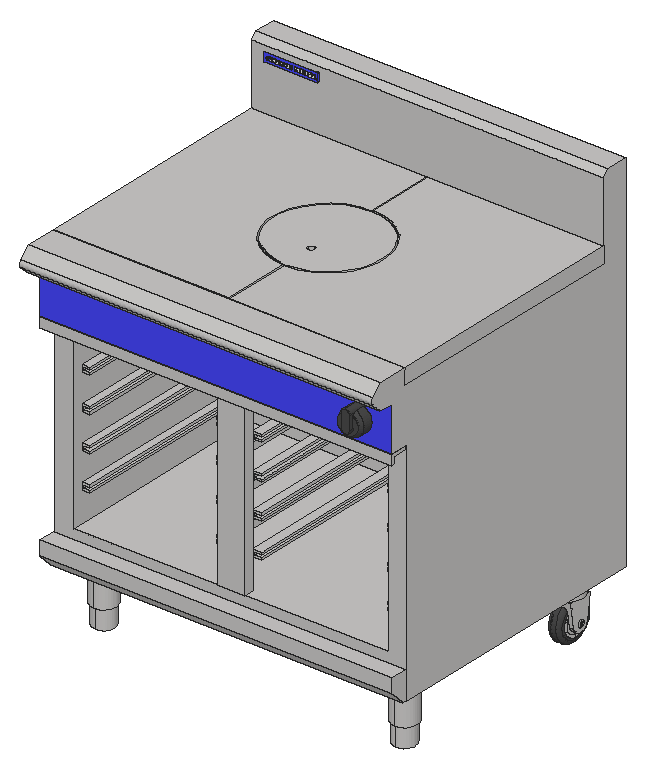
Revit family "QF_MOFFAT_BLUESEAL_CE_G57-CB", category Specialty Equipment, Revit 2012
Parameters
  Width = 900 mm
  Weight in Pounds = 489
  URL Cutsheet = "www.moffat.com"
  URL = "www.moffat.com"
  Type Mark [instance] = ""
  Status [instance] = ""
  Specification by User [instance] = ""
  Specification by Manufacturer = ""
  Show Logo [instance] = yes
  Show Clearance [instance] = yes
  Show Casters [instance] = yes
  Serial Number = ""
  Seismic Rating = ""
  SMACNA No = ""
  Revision Code [instance] = ""
  Omniclass Number and Title = ""
  NAFEM Spec ID Number = ""
  Model = "G57-CB"
  Mechanical Remarks = ""
  Mechanical Connection Type [instance] = ""
  Masterspec = ""
  Manufacturer = "MOFFAT BLUESEAL"
  Legs [instance] = not(Show Casters)  # no
  Item Number [instance] = ""
  Installed By [instance] = ""
  Identify Quantity as Lot [instance] = yes
  Height = 1085 mm
  Gas Size = 3/4"
  Gas RI Height [instance] = 0 mm
  Gas KW [instance] = 12.5
  Gas Input [instance] = 42700.0 Btu/h
  Gas Connection Height = 0 mm
  Furnished By [instance] = ""
  Foodservice Equipment Identifier [instance] = yes
  Description = "900MM GAS HOB TARGET TOP ON CABINET BASE"
  Depth = 812 mm
  CSI MasterFormat = ""
  CSI Master Format = ""
Reference planes
  plane 1 "BACK": y = 0
  plane 2: z = 0
  plane 3 "LEFT": x = 0
  plane 4 "RIGHT": x = 900
  plane 5 "FRONT": y = -812
  plane 6 "TOP": z = 970
  plane 7 "Center Y": x = 450
  plane 8 "Center X": y = -406
  plane 9: x = 280
  plane 10: y = -574.272
  plane 11: x = 60
  plane 12: y = -304.972
  plane 13: y = -364.972
  plane 14: x = 74
  plane 15: x = 834.5
  plane 16: y = -32
  plane 17: z = 655
  plane 18: z = 1085
Forms (mm)
  Extrusion 1, solid, material "QF_Finishes_Stainless Steel"
    sketch origin (0, 0, 0) x (0, 1, 0) y (0, 0, 1)
      loop
        line (0, 1085) -> (-57, 1085) -> (-70, 1072) -> (-70, 875) -> (-705, 875) -> (-705, 915) -> (-783.97, 915) -> (-808.503, 890.467)
        arc (-808.503, 890.467) -> (-812.01, 882) -> (-808.503, 873.533) r 11.974
        line (-808.503, 873.533) -> (-784.97, 850) -> (-749, 850) -> (-749, 736.219) -> (-699, 736.219) -> (-699, 150) -> (0, 150) -> (0, 1085)
      loop
        line (-749, 222.5) -> (-749, 186) -> (-713, 150) -> (-703.2, 150) -> (-703.2, 222.5) -> (-749, 222.5)
      loop
        line (-749, 710) -> (-740.224, 710) -> (-742.613, 726.999) -> (-707.93, 726.999) -> (-707.93, 734.003) -> (-749, 734.003) -> (-749, 710)
    from 0 to 900
  Extrusion 2, solid, material "QF_Finishes_Stainless Steel"
    sketch origin (0, 0, 0) x (0, 1, 0) y (0, 0, 1)
      loop
        line (-70, 915) -> (-705, 915) -> (-705, 875) -> (-70, 875) -> (-70, 915)
    from 0 to 900
  Revolve 3, solid, material "QF_Finishes_Black"
    sketch origin (824.351, 45.874, 0) x (0, 1, 0) y (0, 0, 1)
      loop
        line (-827.874, 829.5) -> (-838.874, 823.651) -> (-838.874, 797) -> (-794.874, 797) -> (-794.874, 802) -> (-804.874, 802) -> (-804.874, 829.5) -> (-827.874, 829.5)
      axis (-838.874, 797) -> (-794.874, 797)
    angle from 0 to 360
  Extrusion 4, solid, material "QF_Finishes_Black"
    sketch origin (676.544, 7, 0) x (1, 0, 0) y (0, 0, 1)
      loop
        line (158.3, 789) -> (158.3, 824)
        arc (158.3, 824) -> (148.3, 834) -> (138.3, 824) r 10
        line (138.3, 824) -> (138.3, 789)
        arc (138.3, 789) -> (148.3, 779) -> (158.3, 789) r 10
    from 759 to 808
  Extrusion 5, void
    sketch origin (0, -72.734, 915) x (1, 0, 0) y (0, -1, 0)
      loop
        line (447.967, 173.281) -> (447.967, -2.734) -> (452.2, -2.734) -> (452.2, 173.283)
        arc (452.2, 173.283) -> (592.5, 315.967) -> (451.798, 458.255) r 142.5
        line (451.798, 458.255) -> (451.798, 632.266) -> (447.7, 632.266) -> (447.7, 458.248)
        arc (447.7, 458.248) -> (307.5, 315.632) -> (447.967, 173.281) r 142.5
      loop
        circle (450, 315.766) r 138
      loop
        circle (450, 370.766) r 8.75
    from 0 to 10
  Revolve 6, solid, material "QF_Finishes_Stainless Steel"
    sketch origin (834.5, -696.126, 0) x (0, 1, 0) y (0, 0, -1)
      loop
        line (39.376, -150) -> (71.126, -150) -> (71.126, 0) -> (43.626, 0) -> (43.626, -50) -> (39.376, -50) -> (39.376, -150)
      axis (71.126, -150) -> (71.126, 0)
    angle from 0 to 360
  Revolve 7, solid, material "QF_Finishes_Stainless Steel"
    sketch origin (65.5, -696.126, 0) x (0, 1, 0) y (0, 0, 1)
      loop
        line (39.376, 150) -> (39.376, 50) -> (43.626, 50) -> (43.626, 0) -> (71.126, 0) -> (71.126, 150) -> (39.376, 150)
      axis (71.126, 150) -> (71.126, 0)
    angle from 0 to 360
  Extrusion 8, solid, material "QF_Finishes_Stainless Steel"
    sketch origin (-64.5, 0, 325) x (1, 0, 0) y (0, 1, 0)
      loop
        circle (834.5, -32) r 10
    from 330 to 355
  Extrusion 9, solid, material "QF_Finishes_Stainless Steel", visible <- "Show Casters"
    sketch origin (71.501, 133.353, -8.783) x (0, 1, 0) y (0, 0, 1)
      loop
        line (-201.603, 118.783) -> (-265.103, 118.783) -> (-252.746, 53.895)
        arc (-252.746, 53.895) -> (-233.353, 38.783) -> (-213.959, 53.895) r 20
        line (-213.959, 53.895) -> (-201.603, 118.783)
    from -35.667 to 22.923
  Revolve 10, solid, material "QF_Finishes_Stainless Steel", visible <- "Show Casters"
    sketch origin (65, -203, 0) x (0, 1, 0) y (0, 0, 1)
      loop
        line (67.25, 150) -> (67.25, 110) -> (103, 110) -> (103, 150) -> (67.25, 150)
      axis (103, 150) -> (103, 110)
    angle from 0 to 360
  Revolve 11, solid, material "QF_Finishes_Stainless Steel", visible <- "Show Casters"
    sketch origin (834.5, -203, 0) x (0, 1, 0) y (0, 0, -1)
      loop
        line (67.25, -150) -> (103, -150) -> (103, -110) -> (67.25, -110) -> (67.25, -150)
      axis (103, -150) -> (103, -110)
    angle from 0 to 360
  Revolve 12, solid, material "QF_Finishes_Stainless Steel", visible <- "Show Casters"
    sketch origin (785.276, -99.755, -13.653) x (1, 0, 0) y (0, 0, 1)
      loop
        line (14.841, 64.453) -> (83.584, 64.453) -> (83.584, 67.958) -> (82.314, 69.228) -> (80.79, 69.228) -> (80.79, 72.674) -> (68.644, 72.674) -> (68.644, 82.639) -> (65.088, 84.692) -> (63.738, 93.028) -> (65.881, 93.028) -> (65.881, 99.378) -> (65.088, 99.378) -> (65.088, 105.728)
        arc (65.088, 105.728) -> (62.298, 112.463) -> (55.563, 115.253) r 9.525
        line (55.563, 115.253) -> (42.863, 115.253)
        arc (42.863, 115.253) -> (36.127, 112.463) -> (33.338, 105.728) r 9.525
        line (33.338, 105.728) -> (33.338, 99.378) -> (32.544, 99.378) -> (32.544, 93.028) -> (34.687, 93.028) -> (33.352, 84.781) -> (29.782, 82.719) -> (29.782, 72.674) -> (17.635, 72.674) -> (17.635, 69.228) -> (16.111, 69.228) -> (14.841, 67.958) -> (14.841, 64.453)
      axis (14.841, 64.453) -> (83.584, 64.453)
    angle from 0 to 360
  Extrusion 13, solid, material "QF_Finishes_Stainless Steel", visible <- "Show Casters"
    sketch origin (841.001, 133.353, -8.783) x (0, 1, 0) y (0, 0, 1)
      loop
        line (-201.603, 118.783) -> (-265.103, 118.783) -> (-252.746, 53.895)
        arc (-252.746, 53.895) -> (-233.353, 38.783) -> (-213.959, 53.895) r 20
        line (-213.959, 53.895) -> (-201.603, 118.783)
    from -35.667 to 22.923
  Revolve 14, solid, material "QF_Finishes_Stainless Steel", visible <- "Legs"
    sketch origin (65, -165, 0) x (0, 1, 0) y (0, 0, 1)
      loop
        line (33.25, 150) -> (33.25, 50) -> (37.5, 50) -> (37.5, 0) -> (65, 0) -> (65, 150) -> (33.25, 150)
      axis (65, 150) -> (65, 0)
    angle from 0 to 360
  Revolve 15, solid, material "QF_Finishes_Stainless Steel", visible <- "Legs"
    sketch origin (834.5, -165, 0) x (0, 1, 0) y (0, 0, -1)
      loop
        line (33.25, -150) -> (65, -150) -> (65, 0) -> (37.5, 0) -> (37.5, -50) -> (33.25, -50) -> (33.25, -150)
      axis (65, -150) -> (65, 0)
    angle from 0 to 360
  Revolve 16, solid, material "QF_Finishes_Stainless Steel", visible <- "Show Casters"
    sketch origin (114.224, -99.755, -13.653) x (-1, 0, 0) y (0, 0, -1)
      loop
        line (14.841, -64.453) -> (14.841, -67.958) -> (16.111, -69.228) -> (17.635, -69.228) -> (17.635, -72.674) -> (29.782, -72.674) -> (29.782, -82.719) -> (33.352, -84.781) -> (34.687, -93.028) -> (32.544, -93.028) -> (32.544, -99.378) -> (33.338, -99.378) -> (33.338, -105.728)
        arc (33.338, -105.728) -> (36.127, -112.463) -> (42.863, -115.253) r 9.525
        line (42.863, -115.253) -> (55.563, -115.253)
        arc (55.563, -115.253) -> (62.298, -112.463) -> (65.088, -105.728) r 9.525
        line (65.088, -105.728) -> (65.088, -99.378) -> (65.881, -99.378) -> (65.881, -93.028) -> (63.738, -93.028) -> (65.088, -84.692) -> (68.644, -82.639) -> (68.644, -72.674) -> (80.79, -72.674) -> (80.79, -69.228) -> (82.314, -69.228) -> (83.584, -67.958) -> (83.584, -64.453) -> (14.841, -64.453)
      axis (14.841, -64.453) -> (83.584, -64.453)
    angle from 0 to 360
  Extrusion 17, void
    sketch origin (0, -696.73, 640) x (0, 0, -1) y (-1, 0, 0)
      loop
        line (395.98, -46.922) -> (-39.02, -46.922) -> (-39.02, -853.078) -> (395.98, -853.078) -> (395.98, -46.922)
    from -2.27 to 558.809
  Extrusion 18, solid, material "QF_Finishes_Stainless Steel"
    sketch origin (0, -699, 640) x (0, 0, 1) y (-1, 0, 0)
      loop
        line (39.02, -485) -> (39.02, -415) -> (-395.98, -415) -> (-395.98, -485) -> (39.02, -485)
    from 0 to -25
  Extrusion 19, solid, material "QF_Finishes_Stainless Steel"
    sketch origin (0, -699, 640) x (0, 0, 1) y (-1, 0, 0)
      loop
        line (-30, -415) -> (-30, -392.5) -> (-35, -392.5) -> (-35, -410) -> (-42.5, -410) -> (-42.5, -392.5) -> (-47.5, -392.5) -> (-47.5, -415) -> (-30, -415)
      loop
        line (-120, -415) -> (-120, -392.5) -> (-125, -392.5) -> (-125, -410) -> (-132.5, -410) -> (-132.5, -392.5) -> (-137.5, -392.5) -> (-137.5, -415) -> (-120, -415)
      loop
        line (-210, -415) -> (-210, -392.5) -> (-215, -392.5) -> (-215, -410) -> (-222.5, -410) -> (-222.5, -392.5) -> (-227.5, -392.5) -> (-227.5, -415) -> (-210, -415)
      loop
        line (-300, -415) -> (-300, -392.5) -> (-305, -392.5) -> (-305, -410) -> (-312.5, -410) -> (-312.5, -392.5) -> (-317.5, -392.5) -> (-317.5, -415) -> (-300, -415)
      loop
        line (-30, -485) -> (-47.5, -485) -> (-47.5, -507.5) -> (-42.5, -507.5) -> (-42.5, -490) -> (-35, -490) -> (-35, -507.5) -> (-30, -507.5) -> (-30, -485)
      loop
        line (-120, -485) -> (-137.5, -485) -> (-137.5, -507.5) -> (-132.5, -507.5) -> (-132.5, -490) -> (-125, -490) -> (-125, -507.5) -> (-120, -507.5) -> (-120, -485)
      loop
        line (-210, -485) -> (-227.5, -485) -> (-227.5, -507.5) -> (-222.5, -507.5) -> (-222.5, -490) -> (-215, -490) -> (-215, -507.5) -> (-210, -507.5) -> (-210, -485)
      loop
        line (-300, -485) -> (-317.5, -485) -> (-317.5, -507.5) -> (-312.5, -507.5) -> (-312.5, -490) -> (-305, -490) -> (-305, -507.5) -> (-300, -507.5) -> (-300, -485)
      loop
        line (-30, -46.922) -> (-47.5, -46.922) -> (-47.5, -69.422) -> (-42.5, -69.422) -> (-42.5, -51.922) -> (-35, -51.922) -> (-35, -69.422) -> (-30, -69.422) -> (-30, -46.922)
      loop
        line (-120, -46.922) -> (-137.5, -46.922) -> (-137.5, -69.422) -> (-132.5, -69.422) -> (-132.5, -51.922) -> (-125, -51.922) -> (-125, -69.422) -> (-120, -69.422) -> (-120, -46.922)
      loop
        line (-210, -46.922) -> (-227.5, -46.922) -> (-227.5, -69.422) -> (-222.5, -69.422) -> (-222.5, -51.922) -> (-215, -51.922) -> (-215, -69.422) -> (-210, -69.422) -> (-210, -46.922)
      loop
        line (-300, -46.922) -> (-317.5, -46.922) -> (-317.5, -69.422) -> (-312.5, -69.422) -> (-312.5, -51.922) -> (-305, -51.922) -> (-305, -69.422) -> (-300, -69.422) -> (-300, -46.922)
      loop
        line (-30, -853.078) -> (-30, -830.578) -> (-35, -830.578) -> (-35, -848.078) -> (-42.5, -848.078) -> (-42.5, -830.578) -> (-47.5, -830.578) -> (-47.5, -853.078) -> (-30, -853.078)
      loop
        line (-120, -853.078) -> (-120, -830.578) -> (-125, -830.578) -> (-125, -848.078) -> (-132.5, -848.078) -> (-132.5, -830.578) -> (-137.5, -830.578) -> (-137.5, -853.078) -> (-120, -853.078)
      loop
        line (-210, -853.078) -> (-210, -830.578) -> (-215, -830.578) -> (-215, -848.078) -> (-222.5, -848.078) -> (-222.5, -830.578) -> (-227.5, -830.578) -> (-227.5, -853.078) -> (-210, -853.078)
      loop
        line (-300, -853.078) -> (-300, -830.578) -> (-305, -830.578) -> (-305, -848.078) -> (-312.5, -848.078) -> (-312.5, -830.578) -> (-317.5, -830.578) -> (-317.5, -853.078) -> (-300, -853.078)
    from -25 to -561.078
Cuts and joins
  Extrusion 5, Extrusion 17 cuts Extrusion 1
  Extrusion 5 cuts Extrusion 2
Lines and regions (mm)
  Split face 1
    outline origin (900, 0, 1085) x (-1, 0, 0) y (0, -1, 0)
      loop
        arc (856, 18.185) -> (864.66, 23.185) -> (864.66, 33.185) r 10
        line (864.66, 33.185) -> (860.619, 40.185)
        arc (860.619, 40.185) -> (856.959, 43.846) -> (851.959, 45.185) r 10
        line (851.959, 45.185) -> (624, 45.185)
        arc (624, 45.185) -> (615.34, 40.185) -> (615.34, 30.185) r 10
        line (615.34, 30.185) -> (619.381, 23.185)
        arc (619.381, 23.185) -> (623.041, 19.525) -> (628.041, 18.185) r 10
        line (628.041, 18.185) -> (856, 18.185)
  Split face 2
    outline origin (900, 0, 1085) x (-1, 0, 0) y (0, -1, 0)
      loop
        arc (566, 18.185) -> (574.66, 23.185) -> (574.66, 33.185) r 10
        line (574.66, 33.185) -> (570.619, 40.185)
        arc (570.619, 40.185) -> (566.959, 43.846) -> (561.959, 45.185) r 10
        line (561.959, 45.185) -> (334, 45.185)
        arc (334, 45.185) -> (325.34, 40.185) -> (325.34, 30.185) r 10
        line (325.34, 30.185) -> (329.381, 23.185)
        arc (329.381, 23.185) -> (333.041, 19.525) -> (338.041, 18.185) r 10
        line (338.041, 18.185) -> (566, 18.185)
  Split face 3
    outline origin (900, 0, 1085) x (-1, 0, 0) y (0, -1, 0)
      loop
        arc (276, 18.185) -> (284.66, 23.185) -> (284.66, 33.185) r 10
        line (284.66, 33.185) -> (280.619, 40.185)
        arc (280.619, 40.185) -> (276.959, 43.846) -> (271.959, 45.185) r 10
        line (271.959, 45.185) -> (44, 45.185)
        arc (44, 45.185) -> (35.34, 40.185) -> (35.34, 30.185) r 10
        line (35.34, 30.185) -> (39.381, 23.185)
        arc (39.381, 23.185) -> (43.041, 19.525) -> (48.041, 18.185) r 10
        line (48.041, 18.185) -> (276, 18.185)
  symbolic lines
    curve 1: line (0, 0, 0) -> (0, -812, 0)
    curve 2: line (900, 0, 0) -> (0, 0, 0)
    curve 3: line (900, -812, 0) -> (900, 0, 0)
    curve 4: line (0, -70, 0) -> (900, -70, 0)
    curve 5: line (900, -812, 0) -> (0, -812, 0)
    curve 6: line (447.967, -72.734, 0) -> (447.967, -246.014, 0)
    curve 7: line (452.2, -246.017, 0) -> (452.2, -72.734, 0)
    curve 8: line (451.798, -705, 0) -> (451.798, -530.989, 0)
    curve 9: line (447.7, -530.981, 0) -> (447.7, -705, 0)
    curve 10: line (900, -72.734, 0) -> (0, -72.734, 0)
    curve 11: line (0, -705, 0) -> (900, -705, 0)
    curve 12: arc (452.2, -246.017, 0) -> (592.5, -388.701, 0) -> (451.798, -530.989, 0) r 142.5
    curve 13: arc (447.7, -530.981, 0) -> (307.5, -388.366, 0) -> (447.967, -246.014, 0) r 142.5
    curve 14: circle (450, -388.5, 0) r 138 normal (0, 0, 1)
    curve 15: arc (458.75, -443.5, 0) -> (450, -452.25, 0) -> (441.25, -443.5, 0) r 8.75
    curve 16: arc (441.25, -443.5, 0) -> (450, -434.75, 0) -> (458.75, -443.5, 0) r 8.75
    curve 17: line (900, -57, 0) -> (0, -57, 0)
    curve 18: line (276, -45.185, 0) -> (48.041, -45.185, 0)
    curve 19: arc (48.041, -45.185, 0) -> (43.041, -43.846, 0) -> (39.381, -40.185, 0) r 10
    curve 20: line (39.381, -40.185, 0) -> (35.34, -33.185, 0)
    curve 21: arc (35.34, -33.185, 0) -> (35.34, -23.185, 0) -> (44, -18.185, 0) r 10
    curve 22: line (44, -18.185, 0) -> (271.959, -18.185, 0)
    curve 23: arc (271.959, -18.185, 0) -> (276.959, -19.525, 0) -> (280.619, -23.185, 0) r 10
    curve 24: line (280.619, -23.185, 0) -> (284.66, -30.185, 0)
    curve 25: arc (284.66, -30.185, 0) -> (284.66, -40.185, 0) -> (276, -45.185, 0) r 10
    curve 26: line (566, -45.185, 0) -> (338.041, -45.185, 0)
    curve 27: arc (338.041, -45.185, 0) -> (333.041, -43.846, 0) -> (329.381, -40.185, 0) r 10
    curve 28: line (329.381, -40.185, 0) -> (325.34, -33.185, 0)
    curve 29: arc (325.34, -33.185, 0) -> (325.34, -23.185, 0) -> (334, -18.185, 0) r 10
    curve 30: line (334, -18.185, 0) -> (561.959, -18.185, 0)
    curve 31: arc (561.959, -18.185, 0) -> (566.959, -19.525, 0) -> (570.619, -23.185, 0) r 10
    curve 32: line (570.619, -23.185, 0) -> (574.66, -30.185, 0)
    curve 33: arc (574.66, -30.185, 0) -> (574.66, -40.185, 0) -> (566, -45.185, 0) r 10
    curve 34: line (856, -45.185, 0) -> (628.041, -45.185, 0)
    curve 35: arc (628.041, -45.185, 0) -> (623.041, -43.846, 0) -> (619.381, -40.185, 0) r 10
    curve 36: line (619.381, -40.185, 0) -> (615.34, -33.185, 0)
    curve 37: arc (615.34, -33.185, 0) -> (615.34, -23.185, 0) -> (624, -18.185, 0) r 10
    curve 38: line (624, -18.185, 0) -> (851.959, -18.185, 0)
    curve 39: arc (851.959, -18.185, 0) -> (856.959, -19.525, 0) -> (860.619, -23.185, 0) r 10
    curve 40: line (860.619, -23.185, 0) -> (864.66, -30.185, 0)
    curve 41: arc (864.66, -30.185, 0) -> (864.66, -40.185, 0) -> (856, -45.185, 0) r 10
    curve 42: line (0, -783.97, 0) -> (900, -783.97, 0)
Dimensions and locks
  equal spacing: plane 3 "LEFT", plane 7 "Center Y", plane 4 "RIGHT"
  "Width": plane 3 "LEFT" to plane 4 "RIGHT"
  equal spacing: plane 5 "FRONT", plane 8 "Center X", plane 1 "BACK"
  "Depth": plane 5 "FRONT" to plane 1 "BACK"
  equal spacing: plane 4 "RIGHT", plane 7 "Center Y", plane 3 "LEFT"
  plane 4 "RIGHT" to plane 3 "LEFT" = 900 mm
  plane 5 "FRONT" to plane 1 "BACK" = 812 mm
  plane 10 to plane 1 "BACK" = 574.272 mm
  plane 12 to plane 1 "BACK" = 304.972 mm  (x2)
  plane 11 to plane 3 "LEFT" = 60 mm
  plane 14 to plane 3 "LEFT" = 74 mm
  plane 9 to plane 3 "LEFT" = 280 mm
  plane 6 "TOP" to plane 2 = 970 mm
  plane 17 to level = 655 mm
  Revolve 12 sketch curve to Revolve 12 sketch curve = 50.8 mm
  Revolve 16 sketch curve to Revolve 16 sketch curve = 50.8 mm
  plane 18 to level = 1085 mm  (x2)
  aligned and locked: level to plane 2
  aligned and locked: curve 3 to plane 4 "RIGHT"
  aligned and locked: Extrusion 1 to Extrusion 2  (x2)
Automatic sketch dimensions
  Extrusion 2 sketch curve to plane 5 "FRONT" = 107 mm
  Extrusion 2 sketch curve to plane 16 = 38 mm
  plane 17 to Extrusion 2 sketch curve = 220 mm
  Extrusion 2 sketch curve to Extrusion 2 sketch curve = 40 mm
  Revolve 3 sketch curve to plane 5 "FRONT" = 19 mm
  Revolve 3 sketch curve to Revolve 3 sketch curve = 0 mm  (x2)
  Revolve 3 sketch curve to Revolve 3 sketch curve = 11 mm
  Revolve 3 sketch curve to Revolve 3 sketch curve = 12.7 mm
  Revolve 3 sketch curve to Revolve 3 sketch curve = 23 mm
  Revolve 3 sketch curve to Revolve 3 sketch curve = 10 mm
  plane 17 to Revolve 3 sketch curve = 142 mm
  Revolve 3 sketch curve to Revolve 3 sketch curve = 5 mm
  Revolve 3 sketch curve to Revolve 3 sketch curve = 26.651 mm
  Revolve 3 sketch curve to Revolve 3 sketch curve = 5.849 mm
  Extrusion 4 sketch curve to plane 15 = 19.656 mm
  Extrusion 4 sketch curve to plane 15 = 9.656 mm
  plane 17 to Extrusion 4 sketch curve = 134 mm
  Extrusion 4 sketch curve to Extrusion 4 sketch curve = 35 mm
  Extrusion 8 sketch curve to plane 16 = 0 mm
  Revolve 7 sketch curve to level = 0 mm
  Revolve 7 sketch curve to Revolve 7 sketch curve = 4.25 mm
  Revolve 7 sketch curve to Revolve 7 sketch curve = 27.5 mm
  Revolve 7 sketch curve to plane 10 = 50.728 mm  (x2)
  Revolve 7 sketch curve to level = 55 mm
  Revolve 7 sketch curve to Revolve 7 sketch curve = 50 mm
  Revolve 7 sketch curve to Revolve 7 sketch curve = 0 mm
  Revolve 7 sketch curve to Revolve 7 sketch curve = 100 mm
  Revolve 6 sketch curve to level = 0 mm
  Revolve 6 sketch curve to Revolve 6 sketch curve = 4.25 mm
  Revolve 6 sketch curve to Revolve 6 sketch curve = 27.5 mm
  Revolve 6 sketch curve to plane 10 = 50.728 mm  (x2)
  level to Revolve 6 sketch curve = 50 mm
  Revolve 6 sketch curve to Revolve 6 sketch curve = 0 mm
  Revolve 6 sketch curve to Revolve 6 sketch curve = 55 mm
  plane 18 to Extrusion 1 sketch curve = 0 mm
  Extrusion 1 sketch curve to plane 1 "BACK" = 0 mm
  Extrusion 1 sketch curve to plane 16 = 25 mm
  Extrusion 1 sketch curve to plane 16 = 38 mm
  Extrusion 1 sketch curve to Extrusion 1 sketch curve = 9.8 mm
  Extrusion 1 sketch curve to Extrusion 1 sketch curve = 32.294 mm
  Extrusion 1 sketch curve to Extrusion 1 sketch curve = 2.389 mm
  Extrusion 1 sketch curve to Extrusion 1 sketch curve = 45.8 mm
  Extrusion 1 sketch curve to Extrusion 1 sketch curve = 6.387 mm
  Extrusion 1 sketch curve to Extrusion 1 sketch curve = 8.776 mm
  Extrusion 1 sketch curve to plane 5 "FRONT" = 3.497 mm  (x2)
  plane 18 to Extrusion 1 sketch curve = 13 mm
  Extrusion 1 sketch curve to plane 6 "TOP" = 55 mm
  Extrusion 1 sketch curve to Extrusion 1 sketch curve = 24.533 mm
  Extrusion 1 sketch curve to Extrusion 1 sketch curve = 8.467 mm
  Extrusion 1 sketch curve to Extrusion 1 sketch curve = 40 mm
  Extrusion 1 sketch curve to Extrusion 1 sketch curve = 25 mm
  plane 17 to Extrusion 1 sketch curve = 81.219 mm
  Extrusion 1 sketch curve to Extrusion 1 sketch curve = 2.216 mm
  Extrusion 1 sketch curve to Extrusion 1 sketch curve = 7.004 mm
  Extrusion 1 sketch curve to Extrusion 1 sketch curve = 16.999 mm
  level to Extrusion 1 sketch curve = 222.5 mm
  Extrusion 1 sketch curve to Extrusion 1 sketch curve = 36.5 mm
  Extrusion 1 sketch curve to Extrusion 1 sketch curve = 36 mm
  Extrusion 5 sketch curve to Extrusion 5 sketch curve = 0 mm  (x4)
  Extrusion 5 sketch curve to Extrusion 2 = 0 mm
  Extrusion 2 to Extrusion 5 sketch curve = 0 mm
  Extrusion 2 to Extrusion 5 sketch curve = 174.019 mm
  Extrusion 2 to Extrusion 5 sketch curve = 447.7 mm
  Extrusion 5 sketch curve to Extrusion 5 sketch curve = 4.098 mm
  Extrusion 5 sketch curve to Extrusion 5 sketch curve = 4.232 mm
  Extrusion 5 sketch curve to Extrusion 5 sketch curve = 0.007 mm
  Extrusion 5 sketch curve to Extrusion 5 sketch curve = 4.481 mm
  Extrusion 5 sketch curve to Extrusion 5 sketch curve = 138 mm
  Extrusion 2 to Extrusion 5 sketch curve = 447.967 mm
  Extrusion 5 sketch curve to Extrusion 5 sketch curve = 2.3 mm
  Extrusion 8 sketch curve to plane 15 = 64.5 mm
  curve 12 to curve 13 = 0 mm  (x2)
  curve 12 to curve 14 = 0 mm  (x2)
  plane 1 "BACK" to curve 1 = 0 mm
  curve 1 to plane 3 "LEFT" = 0 mm
  curve 15 to plane 7 "Center Y" = 0 mm
  curve 13 to plane 7 "Center Y" = 0 mm
  plane 5 "FRONT" to curve 1 = 0 mm
  curve 16 to plane 7 "Center Y" = 8.75 mm
  curve 9 to plane 7 "Center Y" = 2.3 mm
  curve 6 to plane 7 "Center Y" = 2.033 mm
  plane 7 "Center Y" to curve 12 = 1.798 mm
  plane 7 "Center Y" to curve 7 = 2.2 mm
  plane 10 to curve 8 = 43.284 mm
  curve 8 to curve 9 = 0.007 mm
  curve 16 to plane 8 "Center X" = 37.5 mm
  plane 8 "Center X" to curve 13 = 17.5 mm
  curve 6 to plane 16 = 40.734 mm
  curve 10 to curve 4 = 2.734 mm
  curve 4 to curve 17 = 13 mm
  curve 21 to plane 16 = 1.185 mm
  plane 4 "RIGHT" to curve 21 = 864.66 mm
  curve 21 to curve 19 = 4.041 mm
  plane 16 to curve 21 = 3.815 mm
  curve 20 to curve 21 = 8.66 mm
  curve 20 to curve 18 = 8.66 mm
  curve 19 to curve 22 = 223.917 mm
  curve 23 to curve 18 = 4.041 mm
  curve 22 to curve 23 = 8.66 mm
  plane 16 to curve 25 = 1.815 mm
  curve 24 to curve 25 = 4.041 mm
  curve 19 to plane 16 = 13.185 mm
  curve 20 to curve 21 = 7 mm
  plane 16 to curve 23 = 3.815 mm
  curve 28 to plane 16 = 1.185 mm
  curve 24 to curve 28 = 40.679 mm
  curve 28 to plane 16 = 8.185 mm
  curve 29 to curve 28 = 4.041 mm
  curve 28 to curve 30 = 8.66 mm
  curve 27 to curve 26 = 8.66 mm
  plane 16 to curve 31 = 13.815 mm
  curve 27 to curve 31 = 223.917 mm
  curve 33 to plane 16 = 3.185 mm
  curve 31 to curve 33 = 4.041 mm
  plane 16 to curve 32 = 8.815 mm
  curve 31 to curve 32 = 8.66 mm
  plane 16 to curve 33 = 1.815 mm
  curve 32 to curve 33 = 4.041 mm
  curve 37 to plane 16 = 1.185 mm
  curve 33 to curve 37 = 40.679 mm
  curve 37 to curve 35 = 4.041 mm  (x2)
  plane 16 to curve 37 = 3.815 mm
  curve 36 to curve 37 = 8.66 mm
  curve 35 to plane 16 = 3.185 mm
  curve 35 to curve 38 = 223.917 mm
  curve 39 to curve 34 = 4.041 mm
  curve 38 to curve 39 = 8.66 mm
  plane 16 to curve 41 = 1.815 mm
  curve 40 to curve 41 = 4.041 mm
  curve 34 to plane 16 = 13.185 mm
  plane 16 to curve 39 = 3.815 mm
  cut or joined group of Extrusion 1, Extrusion 5, Extrusion 17 to Split face 1 sketch curve = 26.815 mm
  Split face 1 sketch curve to cut or joined group of Extrusion 1, Extrusion 5, Extrusion 17 = 284.66 mm
  Split face 1 sketch curve to Split face 1 sketch curve = 4.041 mm  (x4)
  Split face 1 sketch curve to Split face 1 sketch curve = 8.66 mm  (x2)
  cut or joined group of Extrusion 1, Extrusion 5, Extrusion 17 to Split face 1 sketch curve = 11.815 mm
  Split face 1 sketch curve to cut or joined group of Extrusion 1, Extrusion 5, Extrusion 17 = 48.041 mm
  Split face 1 sketch curve to Split face 1 sketch curve = 7 mm  (x3)
  Split face 1 sketch curve to Split face 1 sketch curve = 17 mm
  cut or joined group of Extrusion 1, Extrusion 5, Extrusion 17 to Split face 2 sketch curve = 26.815 mm
  Split face 2 sketch curve to cut or joined group of Extrusion 1, Extrusion 5, Extrusion 17 = 325.34 mm
  Split face 2 sketch curve to Split face 2 sketch curve = 4.041 mm  (x4)
  Split face 2 sketch curve to Split face 2 sketch curve = 8.66 mm  (x2)
  cut or joined group of Extrusion 1, Extrusion 5, Extrusion 17 to Split face 2 sketch curve = 11.815 mm
  Split face 2 sketch curve to Split face 2 sketch curve = 223.917 mm
  Split face 2 sketch curve to Split face 2 sketch curve = 7 mm  (x3)
  Split face 2 sketch curve to Split face 2 sketch curve = 17 mm
  Split face 3 sketch curve to cut or joined group of Extrusion 1, Extrusion 5, Extrusion 17 = 35.34 mm
  Split face 3 sketch curve to Split face 3 sketch curve = 4.041 mm  (x4)
  Split face 3 sketch curve to Split face 3 sketch curve = 8.66 mm  (x2)
  cut or joined group of Extrusion 1, Extrusion 5, Extrusion 17 to Split face 3 sketch curve = 11.815 mm
  Split face 3 sketch curve to Split face 3 sketch curve = 223.917 mm
  Split face 3 sketch curve to Split face 3 sketch curve = 5 mm
  Split face 3 sketch curve to Split face 3 sketch curve = 10 mm
  Split face 3 sketch curve to Split face 3 sketch curve = 7 mm  (x3)
  Extrusion 9 sketch curve to plane 16 = 99.75 mm
  Extrusion 9 sketch curve to Extrusion 9 sketch curve = 12.357 mm
  Extrusion 9 sketch curve to Extrusion 9 sketch curve = 19.393 mm  (x2)
  level to Extrusion 9 sketch curve = 45.111 mm
  Extrusion 9 sketch curve to plane 16 = 36.25 mm
  Extrusion 9 sketch curve to Extrusion 9 sketch curve = 4.889 mm
  Extrusion 9 sketch curve to Extrusion 9 sketch curve = 64.889 mm
  Revolve 10 sketch curve to plane 16 = 103.75 mm
  Revolve 10 sketch curve to plane 16 = 68 mm
  Revolve 10 sketch curve to Revolve 10 sketch curve = 35.75 mm
  Revolve 10 sketch curve to level = 55 mm
  level to Revolve 10 sketch curve = 50 mm
  Revolve 10 sketch curve to Revolve 10 sketch curve = 60 mm
  Revolve 10 sketch curve to Revolve 10 sketch curve = 40 mm
  Revolve 11 sketch curve to plane 16 = 103.75 mm
  Revolve 11 sketch curve to plane 16 = 68 mm
  Revolve 11 sketch curve to Revolve 11 sketch curve = 35.75 mm
  level to Revolve 11 sketch curve = 150 mm
  Revolve 11 sketch curve to Revolve 11 sketch curve = 40 mm
  level to Revolve 11 sketch curve = 50 mm
  Revolve 11 sketch curve to level = 55 mm
  Revolve 12 sketch curve to plane 15 = 34.382 mm
  Revolve 12 sketch curve to Revolve 12 sketch curve = 1.27 mm  (x4)
  Revolve 12 sketch curve to Revolve 12 sketch curve = 1.524 mm  (x2)
  Revolve 12 sketch curve to Revolve 12 sketch curve = 12.146 mm  (x2)
  Revolve 12 sketch curve to plane 15 = 16.68 mm
  Revolve 12 sketch curve to Revolve 12 sketch curve = 0.794 mm  (x2)
  Revolve 12 sketch curve to Revolve 12 sketch curve = 3.57 mm
  Revolve 12 sketch curve to Revolve 12 sketch curve = 2.143 mm
  Revolve 12 sketch curve to plane 15 = 6.361 mm
  plane 15 to Revolve 12 sketch curve = 5.13 mm
  plane 15 to Revolve 12 sketch curve = 6.339 mm
  plane 15 to Revolve 12 sketch curve = 14.515 mm
  Revolve 12 sketch curve to Revolve 12 sketch curve = 1.349 mm  (x2)
  Revolve 12 sketch curve to Revolve 12 sketch curve = 3.556 mm
  Revolve 12 sketch curve to plane 4 "RIGHT" = 2.18 mm
  level to Revolve 12 sketch curve = 50.8 mm
  Revolve 12 sketch curve to Revolve 12 sketch curve = 0 mm
  Revolve 12 sketch curve to Revolve 12 sketch curve = 3.505 mm  (x2)
  Revolve 12 sketch curve to Revolve 12 sketch curve = 3.447 mm  (x2)
  Revolve 12 sketch curve to Revolve 12 sketch curve = 9.964 mm
  Revolve 12 sketch curve to Revolve 12 sketch curve = 10.045 mm
  Revolve 12 sketch curve to Revolve 12 sketch curve = 2.053 mm
  Revolve 12 sketch curve to Revolve 12 sketch curve = 2.061 mm
  Revolve 12 sketch curve to Revolve 12 sketch curve = 8.247 mm
  Revolve 12 sketch curve to Revolve 12 sketch curve = 8.336 mm
  Revolve 12 sketch curve to Revolve 12 sketch curve = 6.35 mm  (x2)
  Extrusion 13 sketch curve to plane 16 = 99.75 mm
  Extrusion 13 sketch curve to Extrusion 13 sketch curve = 12.357 mm
  Extrusion 13 sketch curve to Extrusion 13 sketch curve = 19.393 mm  (x2)
  level to Extrusion 13 sketch curve = 45.111 mm
  Extrusion 13 sketch curve to plane 16 = 36.25 mm
  Extrusion 13 sketch curve to Extrusion 13 sketch curve = 4.889 mm
  Extrusion 13 sketch curve to Extrusion 13 sketch curve = 64.889 mm
  Revolve 14 sketch curve to level = 0 mm
  Revolve 14 sketch curve to plane 16 = 99.75 mm
  Revolve 14 sketch curve to Revolve 14 sketch curve = 4.25 mm
  Revolve 14 sketch curve to Revolve 14 sketch curve = 27.5 mm  (x2)
  Revolve 14 sketch curve to level = 55 mm
  Revolve 14 sketch curve to Revolve 14 sketch curve = 50 mm
  Revolve 14 sketch curve to Revolve 14 sketch curve = 0 mm
  Revolve 14 sketch curve to Revolve 14 sketch curve = 100 mm
  Revolve 15 sketch curve to level = 0 mm
  Revolve 15 sketch curve to plane 16 = 99.75 mm
  Revolve 15 sketch curve to Revolve 15 sketch curve = 4.25 mm
  Revolve 15 sketch curve to Revolve 15 sketch curve = 27.5 mm  (x2)
  level to Revolve 15 sketch curve = 50 mm
  Revolve 15 sketch curve to Revolve 15 sketch curve = 0 mm
  Revolve 15 sketch curve to Revolve 15 sketch curve = 100 mm
  Revolve 15 sketch curve to Revolve 15 sketch curve = 55 mm
  plane 14 to Revolve 16 sketch curve = 25.382 mm
  Revolve 16 sketch curve to Revolve 16 sketch curve = 1.27 mm  (x4)
  Revolve 16 sketch curve to Revolve 16 sketch curve = 1.524 mm  (x2)
  plane 14 to Revolve 16 sketch curve = 10.442 mm
  plane 14 to Revolve 16 sketch curve = 7.68 mm
  Revolve 16 sketch curve to Revolve 16 sketch curve = 0.794 mm  (x2)
  Revolve 16 sketch curve to Revolve 16 sketch curve = 3.57 mm
  Revolve 16 sketch curve to Revolve 16 sketch curve = 2.143 mm
  Revolve 16 sketch curve to plane 14 = 2.639 mm
  Revolve 16 sketch curve to plane 11 = 0.13 mm
  Revolve 16 sketch curve to plane 11 = 1.339 mm
  Revolve 16 sketch curve to plane 11 = 9.515 mm
  Revolve 16 sketch curve to Revolve 16 sketch curve = 1.349 mm  (x2)
  Revolve 16 sketch curve to Revolve 16 sketch curve = 3.556 mm
  Revolve 16 sketch curve to Revolve 16 sketch curve = 12.146 mm
  Revolve 16 sketch curve to plane 3 "LEFT" = 2.68 mm
  level to Revolve 16 sketch curve = 101.6 mm
  Revolve 16 sketch curve to Revolve 16 sketch curve = 6.35 mm  (x4)
  Revolve 16 sketch curve to Revolve 16 sketch curve = 8.247 mm
  Revolve 16 sketch curve to Revolve 16 sketch curve = 8.336 mm
  Revolve 16 sketch curve to Revolve 16 sketch curve = 2.061 mm
  Revolve 16 sketch curve to Revolve 16 sketch curve = 2.053 mm
  Revolve 16 sketch curve to Revolve 16 sketch curve = 10.045 mm
  Revolve 16 sketch curve to Revolve 16 sketch curve = 9.964 mm
  Revolve 16 sketch curve to Revolve 16 sketch curve = 3.447 mm  (x2)
  Revolve 16 sketch curve to Revolve 16 sketch curve = 3.505 mm
  curve 42 to plane 5 "FRONT" = 28.03 mm
  curve 42 to curve 11 = 78.97 mm
  Extrusion 1 sketch curve to plane 5 "FRONT" = 11.964 mm
  Extrusion 1 sketch curve to plane 5 "FRONT" = 27.03 mm
  Extrusion 1 sketch curve to plane 5 "FRONT" = 28.03 mm
  Extrusion 1 sketch curve to Extrusion 1 sketch curve = 35.97 mm
  Extrusion 1 sketch curve to Extrusion 1 sketch curve = 44 mm
  Extrusion 1 sketch curve to Extrusion 1 sketch curve = 4.2 mm
  level to Extrusion 1 sketch curve = 150 mm
  Extrusion 1 sketch curve to plane 5 "FRONT" = 63 mm
  Revolve 6 sketch curve to Revolve 6 sketch curve = 100 mm
  plane 17 to Extrusion 17 sketch curve = 24.02 mm
  Extrusion 17 sketch curve to plane 11 = 13.078 mm
  level to Extrusion 17 sketch curve = 244.02 mm
  plane 15 to Extrusion 17 sketch curve = 18.578 mm
  plane 7 "Center Y" to Extrusion 18 sketch curve = 35 mm
  level to Extrusion 18 sketch curve = 244.02 mm
  plane 17 to Extrusion 18 sketch curve = 24.02 mm
  Extrusion 18 sketch curve to plane 7 "Center Y" = 35 mm
  plane 15 to Extrusion 19 sketch curve = 18.578 mm  (x4)
  level to Extrusion 19 sketch curve = 322.5 mm  (x3)
  Extrusion 19 sketch curve to plane 7 "Center Y" = 35 mm  (x4)
  Extrusion 19 sketch curve to Extrusion 19 sketch curve = 0 mm  (x10)
  Extrusion 19 sketch curve to plane 14 = 4.578 mm  (x8)
  Extrusion 19 sketch curve to Extrusion 19 sketch curve = 5 mm  (x48)
  Extrusion 19 sketch curve to Extrusion 19 sketch curve = 7.5 mm  (x16)
  plane 7 "Center Y" to Extrusion 19 sketch curve = 35 mm
  Extrusion 19 sketch curve to Extrusion 19 sketch curve = 72.5 mm  (x7)
  Extrusion 19 sketch curve to plane 11 = 13.078 mm
  Extrusion 19 sketch curve to plane 17 = 62.5 mm  (x4)
  Extrusion 19 sketch curve to plane 15 = 3.922 mm  (x8)
  plane 7 "Center Y" to Extrusion 19 sketch curve = 57.5 mm  (x3)
  Extrusion 19 sketch curve to Extrusion 19 sketch curve = 22.5 mm
  Extrusion 19 sketch curve to Extrusion 19 sketch curve = 17.5 mm  (x7)
  Extrusion 19 sketch curve to plane 11 = 8.078 mm  (x3)
  radius of Extrusion 8 sketch curve = 10 mm
  radius of curve 14 = 138 mm
Nested families
  nested 1: "WALDORF LOGO_FACE BASE" at (32, -70, 1055.959) x (1, 0, 0) z (0, -1, 0), visible <- "Show Logo", type "WALDORF LOGO_FACE BASE", detail levels medium+fine
    with Show Logo yes
Connectors
  piping at (770, -32, 655)
    settings: on Extrusion 8, index 4, connector radius 0.37402", flow factor 0, pipe flow 0 GPM, pressure drop 0.00 psi, fitting loss kfactor 0, connector angle 0.00°, fixture units 0, engagement length 0 mm, flow configuration 1, flow direction 1, fitting loss method 0, system type 7, joint type 0, gender type 0, connector reference index -1, connector utility 0, adjustable connector no, is connector primary yes, fitting loss table "", connector description "GAS CONNECTION"
Definition of nested family "WALDORF LOGO_FACE BASE"
  Parameters (values of type "WALDORF LOGO_FACE BASE")
    Show Logo [instance] = yes
    Default Elevation = 1219.2 mm
  Reference planes
    plane 1 "Center (Front/Back)": y = 0
    plane 2: z = 0
    plane 3 "Center (Left/Right)": x = 0
  Forms (mm)
    Extrusion 1, solid
      sketch origin (0, 0, 0) x (1, 0, 0) y (0, 1, 0)
        loop
          line (-1219.2, 1219.2) -> (-1219.2, -1219.2) -> (1219.2, -1219.2) -> (1219.2, 1219.2) -> (-1219.2, 1219.2)
      from 0 to -304.8
    Extrusion 2, solid, material "QF_Finishes_Blue", visible <- "Show Logo"
      sketch origin (0, -33.217, 0) x (1, 0, 0) y (0, 1, 0)
        loop
          arc (138, 31.942) -> (137.626, 32.844) -> (136.724, 33.217) r 1.276
          line (136.724, 33.217) -> (1.29, 33.217)
          arc (1.29, 33.217) -> (0.378, 32.839) -> (0, 31.927) r 1.29
          line (0, 31.927) -> (0, 11.507)
          arc (0, 11.507) -> (0.378, 10.595) -> (1.29, 10.217) r 1.29
          line (1.29, 10.217) -> (136.71, 10.217)
          arc (136.71, 10.217) -> (137.622, 10.595) -> (138, 11.507) r 1.29
          line (138, 11.507) -> (138, 31.942)
      from 0 to 1.588
    Extrusion 3, solid, material "QF_Finishes_White", visible <- "Show Logo"
      sketch origin (0, -33.217, 1.588) x (1, 0, 0) y (0, 1, 0)
        loop
          arc (108.946, 25.919) -> (107.613, 25.367) -> (107.061, 24.034) r 1.885
          line (107.061, 24.034) -> (107.061, 17.211) -> (112.704, 17.211) -> (112.704, 19.129) -> (115.546, 19.129) -> (115.546, 17.211) -> (121.584, 17.211) -> (121.584, 24.075)
          arc (121.584, 24.075) -> (121.043, 25.379) -> (119.739, 25.919) r 1.845
          line (119.739, 25.919) -> (108.946, 25.919)
        loop
          line (123.478, 25.919) -> (123.478, 17.163) -> (134.904, 17.163) -> (134.904, 19.129) -> (129.246, 19.129) -> (129.246, 25.919) -> (123.478, 25.919)
        loop
          line (112.704, 21.258) -> (115.546, 21.258) -> (115.546, 22.702)
          arc (115.546, 22.702) -> (115.344, 23.188) -> (114.858, 23.389) r 0.687
          line (114.858, 23.389) -> (113.363, 23.389)
          arc (113.363, 23.389) -> (112.897, 23.196) -> (112.704, 22.73) r 0.658
          line (112.704, 22.73) -> (112.704, 21.258)
        loop
          line (105.071, 25.919) -> (93.771, 25.919) -> (93.771, 17.163) -> (105.071, 17.163) -> (105.071, 19.063) -> (99.535, 19.063) -> (99.535, 20.437) -> (105.071, 20.437) -> (105.071, 22.278) -> (99.535, 22.278) -> (99.535, 23.587) -> (105.071, 23.587) -> (105.071, 25.919)
        loop
          line (91.104, 25.919) -> (79.541, 25.919)
          arc (79.541, 25.919) -> (78.558, 25.513) -> (78.152, 24.53) r 1.389
          line (78.152, 24.53) -> (78.152, 22.08)
          arc (78.152, 22.08) -> (78.558, 21.098) -> (79.541, 20.691) r 1.389
          line (79.541, 20.691) -> (86.346, 20.691) -> (86.346, 18.864) -> (83.266, 18.864) -> (83.266, 19.664) -> (78.152, 19.664) -> (78.152, 18.553)
          arc (78.152, 18.553) -> (78.558, 17.57) -> (79.541, 17.163) r 1.389
          line (79.541, 17.163) -> (91.063, 17.163)
          arc (91.063, 17.163) -> (92.045, 17.57) -> (92.452, 18.553) r 1.389
          line (92.452, 18.553) -> (92.452, 20.691)
          arc (92.452, 20.691) -> (92.045, 21.673) -> (91.063, 22.08) r 1.389
          line (91.063, 22.08) -> (83.266, 22.08) -> (83.266, 23.984) -> (86.346, 23.984) -> (86.346, 22.743) -> (92.452, 22.743) -> (92.452, 24.571)
          arc (92.452, 24.571) -> (92.057, 25.524) -> (91.104, 25.919) r 1.348
        loop
          line (70.705, 25.919) -> (59.405, 25.919) -> (59.405, 17.163) -> (70.705, 17.163) -> (70.705, 19.063) -> (65.169, 19.063) -> (65.169, 20.437) -> (70.705, 20.437) -> (70.705, 22.278) -> (65.169, 22.278) -> (65.169, 23.587) -> (70.705, 23.587) -> (70.705, 25.919)
        loop
          line (57.598, 25.919) -> (51.7, 25.919) -> (51.7, 20.18)
          arc (51.7, 20.18) -> (50.63, 19.11) -> (49.56, 20.18) r 1.07
          line (49.56, 20.18) -> (49.56, 25.919) -> (43.663, 25.919) -> (43.663, 19.049)
          arc (43.663, 19.049) -> (44.215, 17.716) -> (45.548, 17.163) r 1.885
          line (45.548, 17.163) -> (55.71, 17.163)
          arc (55.71, 17.163) -> (57.045, 17.716) -> (57.598, 19.051) r 1.887
          line (57.598, 19.051) -> (57.598, 25.919)
        loop
          line (31.62, 25.919) -> (31.62, 17.163) -> (43.046, 17.163) -> (43.046, 19.129) -> (37.388, 19.129) -> (37.388, 25.919) -> (31.62, 25.919)
        loop
          line (15.969, 25.919) -> (15.969, 17.163) -> (28.693, 17.163)
          arc (28.693, 17.163) -> (29.812, 17.627) -> (30.276, 18.746) r 1.582
          line (30.276, 18.746) -> (30.276, 20.447) -> (29.48, 21.243) -> (30.276, 22.039) -> (30.276, 24.332)
          arc (30.276, 24.332) -> (29.811, 25.454) -> (28.688, 25.919) r 1.587
          line (28.688, 25.919) -> (15.969, 25.919)
        loop
          line (21.449, 24.159) -> (21.449, 22.436) -> (23.862, 22.436)
          arc (23.862, 22.436) -> (24.723, 23.298) -> (23.862, 24.159) r 0.861
          line (23.862, 24.159) -> (21.449, 24.159)
        loop
          line (21.449, 20.244) -> (21.449, 18.522) -> (23.862, 18.522)
          arc (23.862, 18.522) -> (24.723, 19.383) -> (23.862, 20.244) r 0.861
          line (23.862, 20.244) -> (21.449, 20.244)
      from 0 to 0.2
    Extrusion 4, solid, material "QF_Finishes_Blue", visible <- "Show Logo"
      sketch origin (-126.498, -31.09, 1.588) x (1, 0, 0) y (0, 1, 0)
        loop
          line (136.738, 23.522) -> (136.738, 15.1)
          arc (136.738, 15.1) -> (140.756, 19.311) -> (136.738, 23.522) r 4.216
      from 0 to 0.2
    Extrusion 5, solid, material "QF_Finishes_Red", visible <- "Show Logo"
      sketch origin (146.849, -31.09, 1.588) x (-1, 0, 0) y (0, -1, 0)
        loop
          arc (136.738, -23.522) -> (140.756, -19.311) -> (136.738, -15.1) r 4.216
          line (136.738, -15.1) -> (136.738, -23.522)
      from 0 to 0.2
  Lines and regions (mm)
    Split face 1
      outline origin (-90.35, -30.793, 1.588) x (1, 0, 0) y (0, 1, 0)
        loop
          circle (100.54, 19.013) r 4.536
  Dimensions and locks
    aligned and locked: plane 2 to Extrusion 1
    aligned and locked: level to Extrusion 1
